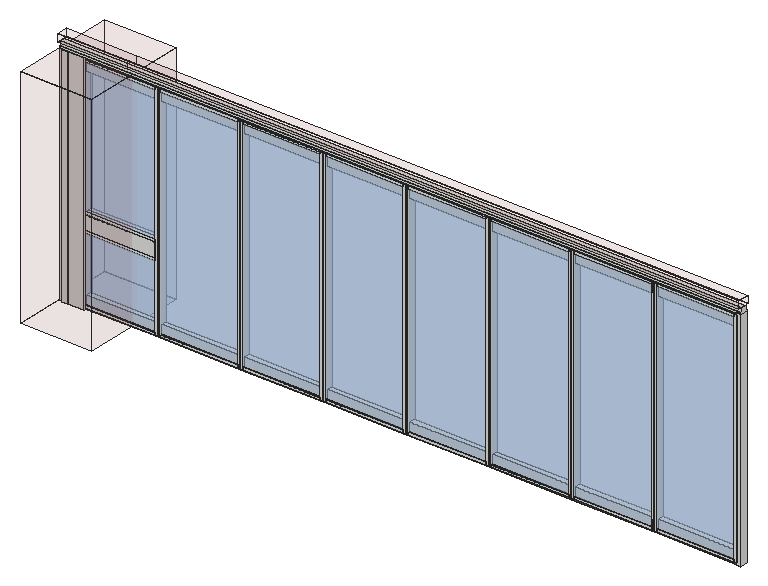
Revit family "Operable-Walls_Modernfold_Acousti-Clear_Automatic_Paired-Panels_Expandable-Panel", category Specialty Equipment, Revit 2026
Family settings
  Round Connector Dimension = Use Diameter
  Part Type = Normal
  Classification Number = 23.25.40.17.14
  Work Plane-Based = No
  Enable Cutting in Views = No
  Always vertical = Yes
  Cut with Voids When Loaded = No
  Maintain Annotation Orientation = No
  Shared = No
  Room Calculation Point = No
Parameters (values of type "No Pocket Door")
  zWallJambVis = 1 = 1  # yes
  zTypIII = not(zNoPckt)  # no
  zNoPckt = yes
  zNOPCount [instance] = if(zHghtLmt < 10' 0 1/2", if(Additional Panels = 0, Min Panel Count Allowed, if((Min Panel Count Allowed + Additional Panels) > Max Panel Count Allowed, Min Panel Count Allowed, Min Panel Count Allowed + Additional Panels)), if(Additional Panels = 0, Min Panel Count Allowed, if((Min Panel Count Allowed + if(roundup(Additional Panels / 2) = Additional Panels / 2, Additional Panels, Additional Panels + 1)) > Max Panel Count Allowed, Min Panel Count Allowed, Min Panel Count Allowed + Additional Panels)))  # 8
  zHghtLmt [instance] = if(Ceiling Height > Ceiling Height Max, Ceiling Height Max, if(Ceiling Height < Ceiling Height Min, Ceiling Height Min, Ceiling Height))  # 10' - 0"
  zFirstPanelWidth [instance] = ((Installation Width - Lead Condition Width - 0' 1 3/4" - 0' 6 1/8") / (Number of Panels)) - 0' 4 25/256"  # 3' - 3 167/256"
  zEvenNumber [instance] = if(roundup(zNOPCount / 2) = zNOPCount / 2, 1 = 1, 1 = 0)  # yes
  URL = "https://www.modernfold.com/en-US"
  Trim Material = Wall finish - Modernfold - Anodized aluminium
  Track Trim Width [instance] = if(zHghtLmt > 17' 4", 0' 10 1/4", 0' 4 1/4")  # 0' - 4 1/4"
  Track Trim = 0' - 0 3/4"  # constant formula
  Track Material = Track Color - Modernfold - White
  Track Height [instance] = 0' - 2"  # constant formula
  Track Clearance Vis [instance] = yes
  Track Clearance Height [instance] = 0' - 4 1/4"  # constant formula
  StacksWPanel [instance] = 1 = 0  # no
  Stack Depth [instance] = (0' 4 1/2" * Number of Panels) + 0' 2"  # 3' - 2"
  Stack Clearance Vis [instance] = yes
  Stack [instance] = no
  Seal material = Seal Finish - Modernfold - Black
  Pocket Door Secondary Leaf Min [instance] = 1' - 6"  # constant formula
  Pocket Door Secondary Leaf Max [instance] = 4' - 0"  # constant formula
  Pocket Door Secondary Leaf [instance] = Pocket Door Primary Leaf  # 0' - 0"
  Pocket Door Primary Leaf [instance] = if(zNoPckt, 0' 0", (Clearance Width - 0' 9" - 0' 6" - 0' 1") / 2)  # 0' - 0"
  Pocket Door Clearance Vis [instance] = yes
  Plan View Warning [instance] = if(zNoPckt, or(Panel Width > Panel Width Max, Panel Width < Panel Width Min, Installation Width > Installation Width Max, Ceiling Height > Ceiling Height Max, Ceiling Height < Ceiling Height Min), or(Panel Width > Panel Width Max, Panel Width < Panel Width Min, Installation Width > Installation Width Max, Ceiling Height > Ceiling Height Max, Ceiling Height < Ceiling Height Min, Pocket Door Secondary Leaf > Pocket Door Secondary Leaf Max, Pocket Door Secondary Leaf < Pocket Door Secondary Leaf Min))  # no
  Panel Width [instance] = (Installation Width - Lead Condition Width - 0' 1 3/4" - 0' 6 1/8") / (Number of Panels)  # 3' - 7 3/4"
  Panel Thickness = 0' - 4"  # constant formula
  Panel Material = Wall finish - Modernfold - Anodized aluminium
  Glass Material [instance] = Glass Type - Modernfold - Clear Tempered
  Additional Panels [instance] = 0
  Number of Panels [instance] = if(zHghtLmt < 10' 0 1/2", zNOPCount, if(zEvenNumber, zNOPCount, zNOPCount + 1))  # 8
  NotStack [instance] = not(Stack)  # yes
  Model = "Acousti-Seal® Legacy® & Premier®"  # constant formula
  Min Panel Count Allowed [instance] = roundup((Installation Width - Lead Condition Width - 0' 1 3/4" - 0' 6 1/8") / (Panel Width Max))  # 8
  Max Panel Count Allowed [instance] = rounddown((Installation Width - Lead Condition Width - 0' 1 3/4" - 0' 6 1/8") / (Panel Width Min))  # 11
  Manufacturer = "Modernfold"  # constant formula
  Lead Condition Width [instance] = if([3 Inch Wall Jamb], 0' 3", 0' 2 1/8")  # 0' - 2 1/8"
  Installation Width [instance] = 30' - 0"
  Panel Width Min [instance] = 2' - 6"  # constant formula
  Panel Width Max [instance] = 4' - 0"  # constant formula
  Description = "Acousti-Clear - Expandable Panel - Paired Panels - No Pocket Door"
  3 Inch Wall Jamb [instance] = not([2.125 Inch Wall Jamb])  # no
  2.125 Inch Wall Jamb [instance] = yes
  **Panel Count Available** [instance] = if(zHghtLmt < 10' 0 1/2", if((Min Panel Count Allowed + Additional Panels) > Max Panel Count Allowed, "Number of Panels does NOT fall within constraints listed. Panel count will default to minimum count allowed.", "Panel Count Available."), if((Min Panel Count Allowed + if(roundup(Additional Panels / 2) = Additional Panels / 2, Additional Panels, Additional Panels + 1)) > Max Panel Count Allowed, "Number of Panels does NOT fall within constraints listed. Panel count will default to minimum count allowed.", "Panel Count Available."))  # "Panel Count Available."
  Seal Width = 0' - 2 11/16"  # constant formula
  Panel Array Count [instance] = Number of Panels - 1  # 7
  Hinge Location [instance] = Start Panel Width + 0' 1 3/4" + 0' 6 1/8"  # 4' - 3 5/8"
  Fabrication Height [instance] = zHghtLmt - Track Trim  # 9' - 11 1/4"
  Clearance Width [instance] = if(zNoPckt, ClearWidthInt * 0' 1", ClearWidthInt * 0' 1" + 0' 6")  # 4' - 8"
  Clearance Depth [instance] = if(zNoPckt, Stack Depth, Stack Depth + 0' 6")  # 3' - 2"
  ClearWidthInt [instance] = roundup((Panel Width + 1' 0") / 0' 1")  # 56
  Ceiling Height [instance] = 10' - 0"
  Carrier Centers [instance] = 0' - 0"  # constant formula
  CSpacingInt [instance] = rounddown((Panel Width - 0' 8") / 0' 1")  # 35
  Carrier Spacing Max [instance] = 3' - 0"  # constant formula
  Installation Width Max [instance] = 80' - 10"  # constant formula
  Does not Stack with Panels [instance] = and(Stack, [2.125 Inch Wall Jamb])  # no
  Default Elevation = 0' - 0"
  Ceiling Height Min [instance] = 6' - 7"  # constant formula
  Ceiling Height Max [instance] = 12' - 0"  # constant formula
  Start Panel Width [instance] = Panel Width  # 3' - 7 3/4"
  Bottom Seal Height = 0' - 0 7/8"  # constant formula
Reference planes (in)
  plane 1 "Center (Front/Back)": y = 0
  plane 2: z = 0
  plane 3 "Left": x = -57.06482
  plane 4 "F": y = -28
  plane 5 "G": y = 28
  plane 6: x = -51.56482
  plane 7 "J&K": x = -19.06482
  plane 8: x = -5.43982
  plane 9: x = 38.31018
  plane 10: x = 302.93518
  plane 11: x = 300.81018
  plane 12: x = 38.31018
  plane 13: z = 120
  plane 14: z = 119.25
  plane 15: y = 1.34375
  plane 16: y = -1.34375
  plane 17: z = 0.875
  plane 18: z = 1.5
  plane 19: y = 2
  plane 20: y = -2
  plane 21: y = 2.125
  plane 22: y = -2.125
  plane 23: y = 1.25
  plane 24: y = -1.25
  plane 25: z = 122
  plane 26: z = 126.25
  plane 27: z = 118
  plane 28: z = 117.5
  plane 29: y = 3
  plane 30: y = -3
  plane 31: y = 1.80291
  plane 32: x = -55.31482
  plane 33: x = -19.06482
Forms (in)
  Sweep 1, solid, material "Track Color - Modernfold - White" <- "Track Material"
    path origin (0, 0, 0) x (1, 0, 0) y (0, 1, 0)
      loop
        line (302.93518, 0) -> (-57.06482, 0)
    profile origin (122.93518, 0, 0) x (0, -1, 0) y (0, 0, 1)
      loop
        line (-1.25, 120) -> (-2.125, 120) -> (-2.125, 119.25) -> (2.125, 119.25) -> (2.125, 120) -> (1.25, 120) -> (1.25, 122) -> (-1.25, 122) -> (-1.25, 120)
  Extrusion 2, solid, material "Clearance", visible <- "Stack Clearance Vis"
    sketch origin (0, 0, 0) x (1, 0, 0) y (0, 1, 0)
      loop
        line (-19.06482, 28) -> (-57.06482, 28) -> (-57.06482, -28) -> (-19.06482, -28) -> (-19.06482, 28)
    from 0 to 119.25
  Extrusion 3, solid, material "Clearance", visible <- "Track Clearance Vis"
    sketch origin (0, 0, 0) x (1, 0, 0) y (0, 1, 0)
      loop
        line (-20.02945, 3) -> (-57.06482, 3) -> (-57.06482, -3) -> (-20.49964, -3) -> (302.93518, -3) -> (302.93518, 3) -> (-20.02945, 3)
    from 122 to 126.25
Lines and regions (in)
  symbolic lines, style "Clearance", visible <- "Stack Clearance Vis"
    curve 1: line (-57.06482, -28, 0) -> (-19.06482, -28, 0)
    curve 2: line (-57.06482, 28, 0) -> (-57.06482, -28, 0)
    curve 3: line (-19.06482, -28, 0) -> (-19.06482, 28, 0)
    curve 4: line (-19.06482, 28, 0) -> (-57.06482, 28, 0)
  symbolic lines, style "Track Centerline"
    curve 5: line (302.93518, 0, 0) -> (-57.06482, 0, 0)
  symbolic lines, style "Clearance", visible <- "Track Clearance Vis"
    curve 6: line (-57.06482, 3, 0) -> (-57.06482, -3, 0)
    curve 7: line (-57.06482, -3, 0) -> (302.93518, -3, 0)
    curve 8: line (302.93518, -3, 0) -> (302.93518, 3, 0)
    curve 9: line (302.93518, 3, 0) -> (-57.06482, 3, 0)
  symbolic lines, style "Track outline"
    curve 10: line (-57.06482, 0, 122) -> (302.93518, 0, 122)
    curve 11: line (-57.06482, 0, 122) -> (-57.06482, 0, 119.25)
    curve 12: line (-19.06482, 0, 119.25) -> (-57.06482, 0, 119.25)
    curve 13: line (302.93518, 0, 122) -> (302.93518, 0, 119.25)
    curve 18: line (-57.06482, 0, 120) -> (302.93518, 0, 120)
  symbolic lines, style "Clearance"
    curve 14: line (-57.06482, 19.25, 120) -> (-57.06482, 19.25, 122)
    curve 15: line (-57.06482, -1.25, 122) -> (-57.06482, -1.25, 120)
    curve 16: line (-57.06482, -2.125, 119.25) -> (-57.06482, 20.125, 119.25)
    curve 17: line (-57.06482, 19.25, 122) -> (-57.06482, -1.25, 122)
Dimensions and locks (in)
  locked: plane 3 "Left" to plane 6 at 5.5
  "Clearance Depth": plane 3 "Left" to plane 7 "J&K"
  "Installation Width": plane 3 "Left" to plane 10
  "Hinge Location": plane 3 "Left" to plane 8
  "Panel Width": plane 8 to plane 9
  "Lead Condition Width": plane 11 to plane 10
  "zHghtLmt": plane 13 to level
  "Track Trim": plane 13 to plane 14
  plane 14 to level = 9' - 11 1/4"
  "Bottom Seal Height": plane 17 to level
  equal spacing: plane 15, plane 1 "Center (Front/Back)", plane 16
  "Seal Width": plane 15 to plane 16
  locked: plane 18 to plane 17 at 0.625
  equal spacing: plane 19, plane 1 "Center (Front/Back)", plane 20
  "Panel Thickness": plane 19 to plane 20
  equal spacing: plane 21, plane 1 "Center (Front/Back)", plane 22
  "Track Trim Width": plane 21 to plane 22
  equal spacing: plane 23, plane 1 "Center (Front/Back)", plane 24
  locked: plane 23 to plane 24 at 2.5
  plane 14 to plane 27 to plane 28 = 0' - 1 1/4" locked, 0' - 0 1/2" locked
  equal spacing: plane 29, plane 1 "Center (Front/Back)", plane 30
  locked: plane 29 to plane 30 at 6
  equal spacing: group 1, group 3, group 7, group 8, group 11, group 12, group 2  (x3)
  locked: plane 1 "Center (Front/Back)" to plane 31 at 1.80291
  locked: plane 3 "Left" to plane 32 at 1.75
  "Stack Depth": plane 3 "Left" to plane 33
  nested 5 to plane 33 = 0' - 1 7/8"
  Extrusion 3 sketch curve to Extrusion 3 sketch curve = 0' - 6"
  Extrusion 3 sketch curve to plane 1 "Center (Front/Back)" to Extrusion 3 sketch curve = 0' - 3", 0' - 3"
  equal spacing: plane 5 "G", plane 1 "Center (Front/Back)", plane 4 "F"
  "Clearance Width": plane 5 "G" to plane 4 "F"
  "Track Clearance Height": plane 26 to plane 25
  "Track Height": plane 25 to plane 13
  nested 8 to nested 8 = 0' - 5 3/8"
  equal spacing: group 4, group 6, group 9, group 10, group 13, group 14, group 5  (x3)
  nested 4 to nested 4 = 3' - 7 3/4"
  aligned and locked: plane 2 to level
  aligned and locked: Sweep 1 sketch curve to plane 1 "Center (Front/Back)"
  aligned and locked: Sweep 1 sketch curve to plane 23
  aligned and locked: plane 24 to Sweep 1 sketch curve
  aligned and locked: Sweep 1 sketch curve to plane 25
  aligned and locked: Sweep 1 sketch curve to plane 13  (x2)
  aligned and locked: Sweep 1 sketch curve to plane 14
  aligned and locked: plane 21 to Sweep 1 sketch curve
  aligned and locked: Sweep 1 sketch curve to plane 22
  aligned and locked: plane 1 "Center (Front/Back)" to nested 1
  aligned and locked: plane 6 to nested 2
  aligned and locked: plane 1 "Center (Front/Back)" to nested 3
  aligned and locked: plane 11 to nested 3
  aligned and locked: nested 2 to plane 1 "Center (Front/Back)"
  aligned and locked: nested 4 to plane 1 "Center (Front/Back)"
  aligned and locked: Extrusion 2 sketch curve to plane 3 "Left"
  aligned and locked: Extrusion 2 to level
  aligned and locked: plane 14 to Extrusion 2
  aligned and locked: curve 2 to Extrusion 2
  aligned and locked: Extrusion 2 sketch curve to plane 7 "J&K"
  aligned and locked: plane 3 "Left" to curve 5
  aligned and locked: plane 10 to curve 5
  aligned and locked: Extrusion 3 sketch curve to plane 10
  aligned and locked: Extrusion 2 to Extrusion 3 sketch curve
  aligned and locked: nested 4 to nested 5  (x2)
  aligned and locked: curve 12 to Extrusion 2
  aligned and locked: nested 7 to plane 4 "F"
  aligned and locked: nested 7 to plane 7 "J&K"
  aligned and locked: plane 12 to plane 9
  aligned and locked: plane 1 "Center (Front/Back)" to nested 8
  aligned and locked: plane 32 to nested 8
  aligned and locked: plane 3 "Left" to Sweep 1 sketch curve
  aligned and locked: Extrusion 2 to plane 5 "G"
  aligned and locked: Extrusion 2 to plane 4 "F"
  aligned and locked: plane 29 to Extrusion 3
  aligned and locked: Extrusion 3 to plane 30
  aligned and locked: curve 7 to Extrusion 3
  aligned and locked: curve 9 to Extrusion 3
  aligned and locked: plane 26 to Extrusion 3
  aligned and locked: Extrusion 3 to plane 25
  aligned and locked: nested 4 to plane 33
  aligned and locked: plane 10 to Sweep 1 sketch curve
  aligned and locked: plane 3 "Left" to nested 10
  aligned and locked: plane 1 "Center (Front/Back)" to nested 10
  aligned and locked: curve 18 to Sweep 1
  aligned and locked: plane 1 "Center (Front/Back)" to nested 11
  aligned and locked: plane 8 to nested 11
  aligned and locked: plane 8 to nested 1
  aligned and locked: plane 11 to nested 12
Automatic sketch dimensions
  curve 14 to plane 13 = 0' - 0"
  curve 15 to plane 13 = 0' - 0"
  curve 16 to plane 22 = 0' - 0"
  curve 14 to curve 16 = 0' - 0 7/8"
  curve 15 to plane 24 = 0' - 0"
  plane 25 to curve 14 = 0' - 0"
  curve 16 to plane 14 = 0' - 0"
  curve 14 to plane 5 "G" = 0' - 8 3/4"
  Extrusion 3 sketch curve to plane 7 "J&K" = 0' - 1.43482"
  Extrusion 3 sketch curve to plane 7 "J&K" = 0' - 0.96463"
  Extrusion 2 sketch curve to plane 5 "G" = 0' - 0"
  plane 4 "F" to Extrusion 2 sketch curve = 0' - 0"
  curve 18 to plane 3 "Left" = 0' - 0"
  curve 12 to plane 7 "J&K" = 0' - 0"
  curve 18 to plane 10 = 0' - 0"
  curve 12 to plane 14 = 0' - 0"
  curve 13 to plane 14 = 0' - 0"
  curve 11 to plane 25 = 0' - 0"
  curve 6 to plane 3 "Left" = 0' - 0"
  plane 5 "G" to curve 3 = 0' - 0"
  curve 3 to plane 7 "J&K" = 0' - 0"
  plane 4 "F" to curve 1 = 0' - 0"
  plane 30 to curve 7 = 0' - 0"
  curve 6 to plane 30 = 0' - 0"
  plane 1 "Center (Front/Back)" to curve 5 = 0' - 0"
  plane 29 to curve 9 = 0' - 0"
  plane 29 to curve 6 = 0' - 0"
Nested families (in)
  nested 1: "Panel" at (16.43518, 0, 0), visible <- "NotStack", Width <- "Panel Width", type "Extended"
    with Width 3' - 7 3/4", Mullion no, LEAD yes, Dash Width 0' - 6.91667", CarrierVis yes
  nested 2: "Panel" at (-51.56482, 0, 0) x (0, -1, 0) z (0, 0, 1), visible <- "Stack", Width <- "Panel Width", type "Stack"
    with Width 3' - 7 3/4", Mullion no, LEAD yes, Dash Width 0' - 6.91667", CarrierVis no
  nested 3: "Jamb" at (300.81018, 0, 0), visible <- "zWallJambVis", Width <- "Lead Condition Width", type "Jamb"
    with Width 0' - 2 1/8", Jamb yes, BulbStack no, Bulb Seal no
  nested 4: "Panel" at (-21.06482, 0, 0) x (0, -1, 0) z (0, 0, 1), visible <- "Stack", Width <- "Panel Width", type "Stack"
    with Width 3' - 7 3/4", Mullion no, LEAD yes, Dash Width 0' - 6.91667", CarrierVis no
  nested 5: "Jamb" at (-20.93982, -21.875, 0) x (0, -1, 0) z (0, 0, 1), visible <- "StacksWPanel", type "Jamb"
    with Jamb no, BulbStack yes, Bulb Seal no
  nested 6: "Modernfold Warning" at (12.01728, -5.976, 0), visible <- "Plan View Warning", type "Modernfold Warning"
  nested 7: "Type-III" at (-20.56482, 33, 0) x (0, -1, 0) z (0, 0, 1), Pocket Door Clearance <- "Pocket Door Clearance Vis", Stack <- "Stack", visible <- "zTypIII", type "Type III"
    with Stack no, Right Leaf 1' - 8", Pocket Door Clearance yes, Middle Leaf 0' - 9", Meeting Jamb 0' - 3", Left Leaf 1' - 8", I_PD Leaf C 0' - 9", I_PD Leaf B 1' - 8", I_PD Leaf A 1' - 8", Hinged Jamb 0' - 3", Gap 0' - 1", Close yes, C.L. of Track 0' - 4 1/2", Ref G 2' - 4 1/2", Pocket Width 4' - 8", Fabrication Height 9' - 11 1/4"
  nested 8: "Panel nose" at (-55.31482, 0, 0), visible <- "NotStack", Panel Thickness <- "Panel Thickness", type "Panel nose"
    with Panel Thickness 0' - 4", Jamb yes, BulbStack yes, Bulb Seal no
  nested 9: "Panel" at (-46.48149, 0, 0) x (0, -1, 0) z (0, 0, 1), visible <- "Stack", Width <- "Panel Width", type "Stack"
    with Width 3' - 7 3/4", Mullion no, LEAD yes, Dash Width 0' - 6.91667", CarrierVis no
  nested 10: "Jamb" at (-57.06482, 0, 0), visible <- "zWallJambVis", type "Jamb"
    with Width 0' - 1 3/4", Jamb yes, BulbStack no, Bulb Seal no
  nested 11: "Panel" at (-25.26599, 0, 0), Width <- "zFirstPanelWidth", visible <- "NotStack", type "Extended"
    with Width 3' - 3 167/256", Mullion yes, LEAD yes, Dash Width 0' - 6.23372", CarrierVis no
  nested 12: "Panel" at (278.93518, 0, 0), visible <- "NotStack", Width <- "Panel Width", type "Extended"
    with Width 3' - 7 3/4", Mullion no, LEAD yes, Dash Width 0' - 6.91667", CarrierVis yes
  nested 13: "Panel" at (60.18518, 0, 0), visible <- "NotStack", Width <- "Panel Width", type "Extended"
    with Width 3' - 7 3/4", Mullion no, LEAD yes, Dash Width 0' - 6.91667", CarrierVis yes
  nested 14: "Panel" at (-41.39815, 0, 0) x (0, -1, 0) z (0, 0, 1), visible <- "Stack", Width <- "Panel Width", type "Stack"
    with Width 3' - 7 3/4", Mullion no, LEAD yes, Dash Width 0' - 6.91667", CarrierVis no
  nested 15: "Panel" at (-36.31482, 0, 0) x (0, -1, 0) z (0, 0, 1), visible <- "Stack", Width <- "Panel Width", type "Stack"
    with Width 3' - 7 3/4", Mullion no, LEAD yes, Dash Width 0' - 6.91667", CarrierVis no
  nested 16: "Panel" at (103.93518, 0, 0), visible <- "NotStack", Width <- "Panel Width", type "Extended"
    with Width 3' - 7 3/4", Mullion no, LEAD yes, Dash Width 0' - 6.91667", CarrierVis yes
  nested 17: "Panel" at (147.68518, 0, 0), visible <- "NotStack", Width <- "Panel Width", type "Extended"
    with Width 3' - 7 3/4", Mullion no, LEAD yes, Dash Width 0' - 6.91667", CarrierVis yes
  nested 18: "Panel" at (-31.23149, 0, 0) x (0, -1, 0) z (0, 0, 1), visible <- "Stack", Width <- "Panel Width", type "Stack"
    with Width 3' - 7 3/4", Mullion no, LEAD yes, Dash Width 0' - 6.91667", CarrierVis no
  nested 19: "Panel" at (-26.14815, 0, 0) x (0, -1, 0) z (0, 0, 1), visible <- "Stack", Width <- "Panel Width", type "Stack"
    with Width 3' - 7 3/4", Mullion no, LEAD yes, Dash Width 0' - 6.91667", CarrierVis no
  nested 20: "Panel" at (191.43518, 0, 0), visible <- "NotStack", Width <- "Panel Width", type "Extended"
    with Width 3' - 7 3/4", Mullion no, LEAD yes, Dash Width 0' - 6.91667", CarrierVis yes
  nested 21: "Panel" at (235.18518, 0, 0), visible <- "NotStack", Width <- "Panel Width", type "Extended"
    with Width 3' - 7 3/4", Mullion no, LEAD yes, Dash Width 0' - 6.91667", CarrierVis yes
Definition of nested family "Panel"
  Parameters (values of type "Stack")
    Width [instance] = 3' - 7 3/4"
    Vertical Trim Control = and(Show Panel, Vertical Trim)  # no
    Vertical Trim = no
    URL = ""
    Trim Thickness = 0' 4 5/8" + 0' 1.188" + 0' 0 7/8"  # 0' - 6.688"
    Top Sweep = 0' - 1 1/4"  # constant formula
    Stack Line = yes
    Show Panel Dash = not(Show Panel)  # yes
    Show Panel = no
    Seal Width = 0' - 2 11/16"
    Panel Width Control = if(Vertical Trim, 0' 0 3/4", 0' 0")  # 0' - 0"
    Panel Thickness = 0' - 4"
    Mullion [instance] = yes
    Manufacturer = ""
    Leaf = no
    LEAD [instance] = yes
    Keynote = ""
    Height = 9' - 11 1/4"
    Finished Floor Thickness = 0' - 0"
    Finish Material Seal = none
    Finish Material Metal = none
    Finish Material Panel = none
    Default Elevation = 0' - 0"
    Dash Width [instance] = (Width - 0' 2 1/4") / 6  # 0' - 6.91667"
    CarrierVis [instance] = no
    Carrier Spacing = 0' - 0"
    Bottom Seal Height = 0' - 0 7/8"
  Types (2): name | Show Panel Dash | Show Panel
    Extended | no | yes
    Stack | yes | no
  Reference planes (in)
    plane 1 "Center (Front/Back)": y = 0
    plane 2: z = 0
    plane 3 "Bottom Panel": z = 0
    plane 4 "Top": z = 119.25
    plane 5 "Bottom Seal": z = 0.875
    plane 6 "Top Trim": z = 119.25
    plane 7 "Center (Left/Right)": x = 0
    plane 8 "Back": y = 2
    plane 9 "Front": y = -2
    plane 10 "Back Seal": y = 1.34375
    plane 11 "Front Seal": y = -1.34375
    plane 12: z = 112.562
    plane 13: x = -21.875
    plane 14: x = 21.875
    plane 15: x = -21.375
    plane 16: x = 21.375
    plane 17: x = 0
    plane 18: x = 0
    plane 19: x = -21.865
    plane 20: x = 21.865
    plane 21: z = 118.375
    plane 22: z = 46.5
    plane 23: z = 36
    plane 24: x = -20.49
    plane 25: x = 20.49
  Forms (in)
    Extrusion 1, solid, material <- "Finish Material Metal", visible <- "Show Panel"
      sketch origin (-23.61111, 0, 0) x (0, 1, 0) y (0, 0, 1)
        loop
          line (2, 0.875) -> (2, 2.0625) -> (1.4375, 2.0625) -> (1.4375, 6.6875) -> (-1.4375, 6.6875) -> (-1.4375, 2.0625) -> (-2, 2.0625) -> (-2, 0.875) -> (2, 0.875)
      from 3.12111 to 44.10111
    Extrusion 2, solid, material <- "Finish Material Metal", visible <- "Show Panel"
      sketch origin (0, 0, 0) x (0, 1, 0) y (0, 0, 1)
        loop
          line (1.4375, 112.562) -> (1.4375, 117.1875) -> (2, 117.1875) -> (2, 118.375) -> (-2, 118.375) -> (-2, 117.1875) -> (-1.4375, 117.1875) -> (-1.4375, 112.562) -> (1.4375, 112.562)
      from -20.49 to 20.49
    Extrusion 3, solid, visible <- "Show Panel Dash"
      sketch origin (12, 7.7711, 0) x (1, 0, 0) y (0, 1, 0)
        loop
          line (9.875, -5.7711) -> (-33.875, -5.7711) -> (-33.875, -9.7711) -> (9.875, -9.7711) -> (9.875, -5.7711)
      from 0 to 119.25
    Extrusion 4, solid, visible <- "Leaf"
      sketch origin (0, 0, 0) x (1, 0, 0) y (0, 1, 0)
        loop
          line (-16.375, 2.6875) -> (-28, 2.6875) -> (-28, -2.6875) -> (-16.375, -2.6875) -> (-16.375, -2) -> (-21.875, -2) -> (-21.875, 2) -> (-16.375, 2) -> (-16.375, 2.6875)
      from 0 to 119.25
    Extrusion 5, solid, material <- "Finish Material Panel", visible <- "Show Panel"
      sketch origin (0, 0, 0) x (0, 1, 0) y (0, 0, 1)
        loop
          line (1.8125, 117.1875) -> (1.4375, 117.1875) -> (1.4375, 2.0625) -> (1.8125, 2.0625) -> (1.8125, 117.1875)
        loop
          line (-1.4375, 2.0625) -> (-1.4375, 117.1875) -> (-1.75, 117.1875) -> (-1.75, 2.0625) -> (-1.4375, 2.0625)
      from -20.49 to 20.49
    Extrusion 6, solid, material <- "Finish Material Metal", visible <- "Show Panel"
      sketch origin (0, 0, 0) x (1, 0, 0) y (0, 1, 0)
        loop
          line (-21.865, 2) -> (-21.865, -2) -> (-20.49, -2) -> (-20.49, 2) -> (-21.865, 2)
        loop
          line (21.865, 2) -> (20.49, 2) -> (20.49, -2) -> (21.865, -2) -> (21.865, 2)
      from 0.875 to 118.375
    Extrusion 7, solid, material <- "Finish Material Seal", visible <- "Show Panel"
      sketch origin (21.865, -180, 143.875) x (0, 0, 1) y (0, 1, 0)
        loop
          line (-143, 178.65625) -> (-143, 181.34375) -> (-143.875, 181.34375) -> (-143.875, 178.65625) -> (-143, 178.65625)
        loop
          line (-24.625, 178.65625) -> (-24.625, 181.34375) -> (-25.5, 181.34375) -> (-25.5, 178.65625) -> (-24.625, 178.65625)
      from -0.01 to 43.74
    Extrusion 8, solid, material <- "Finish Material Metal", visible <- "Mullion"
      sketch origin (21.865, -180, 143.875) x (0, 0, 1) y (0, 1, 0)
        loop
          line (-107.875, 180) -> (-107.875, 178.23437) -> (-106.375, 178.23437) -> (-106.375, 178) -> (-98.875, 178) -> (-98.875, 178.23437) -> (-97.375, 178.23437) -> (-97.375, 180) -> (-97.375, 181.82031) -> (-98.875, 181.82031) -> (-98.875, 182) -> (-106.375, 182) -> (-106.375, 181.82031) -> (-107.875, 181.82031) -> (-107.875, 180)
      from 1.375 to 42.355
  Lines and regions (in)
    Masking region 1, visible <- "Show Panel"
      outline origin (9.51202, -15.08558, 0.875) x (-1, 0, 0) y (0, -1, 0)
        loop
          line (-10.97798, -17.08558) -> (30.00202, -17.08558) -> (30.00202, -13.08558) -> (-10.97798, -13.08558) -> (-10.97798, -17.08558)
    Masking region 2, visible <- "Show Panel"
      outline origin (0, 0, 0) x (1, 0, 0) y (0, 1, 0)
        loop
          line (-20.49, 1.8125) -> (-20.49, 1.4375) -> (20.49, 1.4375) -> (20.49, 1.8125) -> (-20.49, 1.8125)
        loop
          line (-20.49, -1.4375) -> (-20.49, -1.75) -> (20.49, -1.75) -> (20.49, -1.4375) -> (-20.49, -1.4375)
    Masking region 3, visible <- "Show Panel"
      outline origin (0, 0, 0) x (1, 0, 0) y (0, 1, 0)
        loop
          line (-20.49, 1.34375) -> (-20.49, -1.34375) -> (20.49, -1.34375) -> (20.49, 1.34375) -> (-20.49, 1.34375)
    Masking region 4, visible <- "Show Panel"
      outline origin (0, 0, 0) x (1, 0, 0) y (0, 1, 0)
        loop
          line (-21.865, 2) -> (-21.865, -2) -> (-20.49, -2) -> (-20.49, 2) -> (-21.865, 2)
        loop
          line (20.49, 2) -> (20.49, -2) -> (21.865, -2) -> (21.865, 2) -> (20.49, 2)
    symbolic lines, visible <- "CarrierVis", detail levels medium+fine
      curve 1: circle (0, 0, 0) r 0.6875 normal (0, 0, 1)
      curve 2: circle (0, 0, 0) r 0.6875 normal (0, 0, 1)
    symbolic lines, visible <- "Show Panel Dash"
      curve 3: line (-21.875, -2, 0) -> (21.875, -2, 0)
      curve 4: line (21.875, -2, 0) -> (21.875, 2, 0)
      curve 5: line (21.875, 2, 0) -> (-21.875, 2, 0)
      curve 6: line (-21.875, 2, 0) -> (-21.875, -2, 0)
    symbolic lines, visible <- "Leaf"
      curve 7: line (-28, 2.6875, 0) -> (-28, -2.6875, 0)
      curve 8: line (-16.375, 2.6875, 0) -> (-28, 2.6875, 0)
      curve 9: line (-16.375, 2, 0) -> (-16.375, 2.6875, 0)
      curve 10: line (-16.375, -2.6875, 0) -> (-16.375, -2, 0)
      curve 11: line (-28, -2.6875, 0) -> (-16.375, -2.6875, 0)
  Dimensions and locks (in)
    "Height": plane 4 "Top" to plane 3 "Bottom Panel"
    "Bottom Seal Height": plane 5 "Bottom Seal" to plane 3 "Bottom Panel"
    "Panel Thickness": plane 9 "Front" to plane 8 "Back"
    "Finished Floor Thickness": plane 3 "Bottom Panel" to plane 2
    equal spacing: plane 9 "Front", plane 1 "Center (Front/Back)", plane 8 "Back"
    equal spacing: plane 14, plane 7 "Center (Left/Right)", plane 13
    "Width": plane 14 to plane 13
    locked: plane 15 to plane 13 at 0.5
    locked: plane 14 to plane 16 at 0.5
    equal spacing: plane 17, plane 7 "Center (Left/Right)", plane 18
    "Carrier Spacing": plane 17 to plane 18
    "Seal Width": plane 10 "Back Seal" to plane 11 "Front Seal"
    equal spacing: plane 10 "Back Seal", plane 1 "Center (Front/Back)", plane 11 "Front Seal"
    locked: plane 19 to plane 13 at 0.01
    locked: plane 20 to plane 14 at 0.01
    "Trim Thickness": plane 6 "Top Trim" to plane 12
    locked: plane 6 "Top Trim" to Extrusion 2 sketch curve at 0.875
    locked: Extrusion 2 sketch curve to Extrusion 2 sketch curve at 1.1875
    locked: Extrusion 2 sketch curve to Extrusion 2 sketch curve at 2.875
    equal spacing: Extrusion 2 sketch curve, plane 1 "Center (Front/Back)", Extrusion 2 sketch curve
    locked: Extrusion 1 sketch curve to Extrusion 1 sketch curve at 2.875
    equal spacing: Extrusion 1 sketch curve, plane 1 "Center (Front/Back)", Extrusion 1 sketch curve
    locked: Extrusion 1 sketch curve to Extrusion 1 sketch curve at 1.1875
    locked: Extrusion 1 sketch curve to Extrusion 1 sketch curve at 4.625
    locked: Extrusion 5 sketch curve to Extrusion 5 sketch curve at 2.875
    equal spacing: Extrusion 5 sketch curve, plane 1 "Center (Front/Back)", Extrusion 5 sketch curve
    Extrusion 5 sketch curve to plane 5 "Bottom Seal" = 0' - 1 3/16"
    locked: plane 5 "Bottom Seal" to Extrusion 5 sketch curve at 1.1875
    locked: Extrusion 5 sketch curve to plane 12 at 4.6255  (x2)
    equal spacing: Extrusion 4 sketch curve, plane 1 "Center (Front/Back)", Extrusion 4 sketch curve
    locked: Extrusion 6 sketch curve to plane 20 at 1.375
    locked: Extrusion 6 sketch curve to Extrusion 6 sketch curve at 1.375
    locked: Extrusion 5 sketch curve to Extrusion 1 at 0.375
    locked: Extrusion 5 sketch curve to Extrusion 5 sketch curve at 0.3125
    Extrusion 4 to Extrusion 4 = 0' - 11 5/8"
    locked: plane 6 "Top Trim" to plane 21 at 0.875
    locked: plane 22 to plane 23 at 10.5
    locked: plane 23 to level at 36
    locked: plane 24 to plane 19 at 1.375
    locked: plane 25 to plane 20 at 1.375
    aligned and locked: plane 2 to level
    aligned and locked: plane 12 to Extrusion 2 sketch curve
    aligned and locked: plane 17 to curve 1
    aligned and locked: plane 1 "Center (Front/Back)" to curve 1
    aligned and locked: plane 1 "Center (Front/Back)" to curve 2
    aligned and locked: plane 4 "Top" to Extrusion 3
    aligned and locked: Extrusion 3 to level
    aligned and locked: plane 4 "Top" to Extrusion 4
    aligned and locked: plane 6 "Top Trim" to plane 4 "Top"
    aligned and locked: Extrusion 2 sketch curve to plane 8 "Back"
    aligned and locked: Extrusion 2 sketch curve to plane 9 "Front"
    aligned and locked: plane 9 "Front" to Extrusion 1 sketch curve
    aligned and locked: Extrusion 1 sketch curve to plane 8 "Back"
    aligned and locked: Extrusion 1 sketch curve to plane 5 "Bottom Seal"
    aligned and locked: curve 8 to Extrusion 4
    aligned and locked: curve 9 to Extrusion 4
    aligned and locked: curve 10 to Extrusion 4
    aligned and locked: curve 11 to Extrusion 4
    aligned and locked: plane 8 "Back" to Extrusion 6 sketch curve
    aligned and locked: plane 19 to Extrusion 6 sketch curve
    aligned and locked: Extrusion 6 sketch curve to plane 8 "Back"
    aligned and locked: Extrusion 6 sketch curve to plane 20
    aligned and locked: plane 9 "Front" to Extrusion 6 sketch curve
    aligned and locked: Extrusion 6 sketch curve to plane 9 "Front"
    aligned and locked: Extrusion 1 to Extrusion 6  (x2)
    aligned and locked: Extrusion 5 to Extrusion 6  (x2)
    aligned and locked: Extrusion 2 to Extrusion 6  (x2)
    aligned and locked: Masking region 1 to Extrusion 6  (x2)
    aligned and locked: Masking region 1 to plane 8 "Back"
    aligned and locked: Masking region 1 sketch curve to plane 9 "Front"
    aligned and locked: Masking region 2 sketch curve to Extrusion 5  (x4)
    aligned and locked: Masking region 2 sketch curve to Extrusion 1  (x4)
    aligned and locked: Masking region 3 sketch curve to Extrusion 1  (x2)
    aligned and locked: Masking region 4 sketch curve to Extrusion 6  (x4)
    aligned and locked: Masking region 4 sketch curve to Extrusion 1  (x3)
    aligned and locked: plane 8 "Back" to Masking region 4 sketch curve
    aligned and locked: curve 6 to plane 13
    aligned and locked: plane 14 to curve 4
    aligned and locked: curve 5 to plane 8 "Back"
    aligned and locked: plane 9 "Front" to curve 3
    aligned and locked: plane 14 to Extrusion 3
    aligned and locked: Extrusion 3 to plane 13
    aligned and locked: plane 9 "Front" to Extrusion 3
    aligned and locked: Extrusion 3 to plane 8 "Back"
    aligned and locked: plane 21 to Extrusion 6
    aligned and locked: Extrusion 6 to plane 5 "Bottom Seal"
    aligned and locked: plane 5 "Bottom Seal" to Extrusion 7 sketch curve
    aligned and locked: plane 11 "Front Seal" to Extrusion 7 sketch curve  (x2)
    aligned and locked: Extrusion 3 to Extrusion 7 sketch curve
    aligned and locked: plane 4 "Top" to Extrusion 7 sketch curve
    aligned and locked: Extrusion 7 sketch curve to plane 21
    aligned and locked: Extrusion 7 sketch curve to plane 10 "Back Seal"  (x2)
    aligned and locked: Extrusion 7 to plane 13
    aligned and locked: plane 14 to Extrusion 7
    aligned and locked: plane 22 to Extrusion 8
    aligned and locked: Extrusion 8 to plane 23
    aligned and locked: plane 24 to Extrusion 8
    aligned and locked: Extrusion 8 to plane 25
  Automatic sketch dimensions
    Extrusion 4 sketch curve to plane 13 = 0' - 0"
    Extrusion 4 sketch curve to plane 9 "Front" = 0' - 0"
    plane 8 "Back" to Extrusion 4 sketch curve = 0' - 0"
    Extrusion 4 sketch curve to Extrusion 4 sketch curve = 0' - 0"
    plane 15 to Extrusion 4 sketch curve = 0' - 5"
    Extrusion 4 sketch curve to plane 8 "Back" = 0' - 0 11/16"
    Extrusion 3 sketch curve to plane 7 "Center (Left/Right)" = 1' - 9 7/8"
    plane 8 "Back" to Extrusion 3 sketch curve = 0' - 4"
    plane 14 to Extrusion 3 sketch curve = 0' - 0"
    Extrusion 3 sketch curve to Extrusion 3 sketch curve = 0' - 4"
    Masking region 1 sketch curve to plane 16 = 0' - 0.885"
    plane 15 to Masking region 1 sketch curve = 0' - 0.885"
    Masking region 1 sketch curve to plane 8 "Back" = 0' - 0"
    Extrusion 4 sketch curve to plane 13 = 0' - 6 1/8"
    curve 1 to curve 2 = 0' - 0"
    curve 8 to plane 13 = 0' - 6 1/8"
    Extrusion 2 sketch curve to plane 21 = 0' - 1 3/16"
    Extrusion 1 sketch curve to Extrusion 1 sketch curve = 0' - 1 3/16"
    plane 11 "Front Seal" to Masking region 3 sketch curve = 0' - 0"
    plane 10 "Back Seal" to Masking region 3 sketch curve = 0' - 0"
    Extrusion 8 sketch curve to plane 1 "Center (Front/Back)" = 0' - 0"  (x2)
    Extrusion 8 sketch curve to plane 8 "Back" = 0' - 0"
    Extrusion 8 sketch curve to plane 9 "Front" = 0' - 0"
    Extrusion 8 sketch curve to plane 5 "Bottom Seal" = 2' - 11 1/8"
    Extrusion 8 sketch curve to plane 8 "Back" = 0' - 0 23/128"  (x2)
    Extrusion 8 sketch curve to Extrusion 8 sketch curve = 0' - 1 1/2"  (x3)
    plane 9 "Front" to Extrusion 8 sketch curve = 0' - 0 15/64"  (x2)
    Extrusion 8 sketch curve to Extrusion 8 sketch curve = 0' - 7 1/2"
    Extrusion 8 sketch curve to Extrusion 8 sketch curve = 0' - 0"
    radius of curve 1 = 0' - 0 11/16"
    radius of curve 2 = 0' - 0 11/16"
Definition of nested family "Jamb"
  Parameters (values of type "Jamb")
    zThickness = 0' - 4 1/4"
    Trim Material = none
    Panel Material = none
    Width [instance] = 1' - 0"
    BulbStack [instance] = yes
    Bulb Seal [instance] = no
    Jamb [instance] = yes
    Fabrication Height = 9' - 11 1/4"
    Default Elevation = 0' - 0"
  Reference planes (in)
    plane 1 "Center (Front/Back)": y = 0
    plane 2: z = 0
    plane 3 "Center (Left/Right)": x = 0
    plane 4: y = 2.125
    plane 5: y = -2.125
    plane 6: x = 0.25
  Forms (in)
    Extrusion 1, solid, material <- "Panel Material", visible <- "Jamb"
      sketch origin (0.25, 0.65625, 0) x (1, 0, 0) y (0, 1, 0)
        loop
          line (-0.25, 1.46875) -> (-0.25, -2.78125) -> (11.75, -2.78125) -> (11.75, 1.46875) -> (-0.25, 1.46875)
      from 0 to 119.25 <- "Fabrication Height"
    Extrusion 2, solid, material <- "Trim Material", visible <- "Bulb Seal"
      sketch origin (0.25, 0.65625, 0) x (1, 0, 0) y (0, 1, 0)
        loop
          line (-0.25, 1.46875) -> (-0.25, -2.78125)
          arc (-0.25, -2.78125) -> (0, -0.65625) -> (-0.25, 1.46875) r 9.15625
      from 0 to 119.25
    Extrusion 3, solid, visible <- "BulbStack"
      sketch origin (0, 0, 0) x (1, 0, 0) y (0, 1, 0)
        loop
          line (0, 2.125) -> (0, -2.125)
          arc (0, -2.125) -> (0.25, 0) -> (0, 2.125) r 9.15625
      from 0 to 119.25
  Lines and regions (in)
    Masking region 1, visible <- "Jamb"
      outline origin (0, 0, 0) x (1, 0, 0) y (0, 1, 0)
        loop
          line (12, 2.125) -> (0, 2.125) -> (0, -2.125) -> (12, -2.125) -> (12, 2.125)
    Masking region 2, visible <- "Bulb Seal"
      outline origin (0, 0, 0) x (1, 0, 0) y (0, 1, 0)
        loop
          line (0, 2.125) -> (0, -2.125)
          arc (0, -2.125) -> (0.25, 0) -> (0, 2.125) r 9.15625
    model lines, visible <- "BulbStack"
      curve 1: line (0, 0.25, 0) -> (0, -0.25, 0)
    symbolic lines, visible <- "BulbStack"
      curve 2: line (0, 0.25, 0) -> (0, -0.25, 0)
      curve 3: arc (0, -2.125, 0) -> (0.25, 0, 0) -> (0, 2.125, 0) r 9.15625
  Dimensions and locks (in)
    equal spacing: plane 5, plane 1 "Center (Front/Back)", plane 4
    "zThickness": plane 5 to plane 4
    plane 3 "Center (Left/Right)" to plane 6 = 0' - 0 1/4"
    "Width": Extrusion 1 sketch curve to Extrusion 1 sketch curve
    aligned and locked: plane 2 to level
    aligned and locked: Extrusion 1 to Extrusion 2
    aligned and locked: Extrusion 1 to Masking region 1 sketch curve
    aligned and locked: Masking region 1 sketch curve to Extrusion 1
    aligned and locked: Masking region 1 sketch curve to Extrusion 2
    aligned and locked: Extrusion 2 to Masking region 2 sketch curve
    aligned and locked: Extrusion 3 sketch curve to Extrusion 2
    aligned and locked: Extrusion 3 to level
    aligned and locked: Extrusion 1 to Extrusion 3
    aligned and locked: Extrusion 3 to curve 1
    aligned and locked: Extrusion 1 to plane 4
    aligned and locked: plane 5 to Extrusion 1
    aligned and locked: Masking region 1 to Extrusion 1
  Automatic sketch dimensions
    plane 1 "Center (Front/Back)" to Masking region 2 sketch curve = 0' - 0"
    plane 5 to Masking region 2 sketch curve = 0' - 0"
    Masking region 2 sketch curve to plane 3 "Center (Left/Right)" = 0' - 8 29/32"
    plane 1 "Center (Front/Back)" to Extrusion 2 sketch curve = 0' - 0"
    Extrusion 2 sketch curve to plane 3 "Center (Left/Right)" = 0' - 0"
    plane 5 to Extrusion 2 sketch curve = 0' - 0"
    Extrusion 2 sketch curve to plane 3 "Center (Left/Right)" = 0' - 8 29/32"
    plane 1 "Center (Front/Back)" to Extrusion 3 sketch curve = 0' - 0"
    plane 5 to Extrusion 3 sketch curve = 0' - 0"
    Extrusion 3 sketch curve to plane 3 "Center (Left/Right)" = 0' - 8 29/32"
    plane 1 "Center (Front/Back)" to curve 3 = 0' - 0"
    curve 2 to plane 3 "Center (Left/Right)" = 0' - 0"
    curve 3 to plane 3 "Center (Left/Right)" = 0' - 0"  (x2)
    plane 5 to curve 3 = 0' - 0"
    curve 3 to plane 3 "Center (Left/Right)" = 0' - 8 29/32"
    plane 1 "Center (Front/Back)" to curve 2 = 0' - 0 1/4"
    curve 2 to plane 1 "Center (Front/Back)" = 0' - 0 1/4"
    plane 6 to Masking region 1 sketch curve = 0' - 11 3/4"
    Extrusion 1 sketch curve to plane 3 "Center (Left/Right)" = 0' - 0"
    plane 5 to Extrusion 1 sketch curve = 0' - 0"
    plane 4 to Extrusion 1 sketch curve = 0' - 0"
Definition of nested family "Type-III"
  Parameters (values of type "Type IV B")
    URL = "www.modernfold.com"
    Trim Color = none
    Top Seal Height = 0' - 0"  # constant formula
    Wall Finish = none
    Stack [instance] = no
    Right Leaf [instance] = Left Leaf  # 1' - 11 1/2"
    Ref G [instance] = 2' - 8"
    Product data url = ""
    Product Guid = ""
    Pocket Width = 5' - 3"
    Pocket Door Clearance [instance] = yes
    Model = "ACOUSTI-SEAL-TYPE III POCKET DOOR"
    Middle Leaf [instance] = 0' - 9"  # constant formula
    Meeting Jamb [instance] = 0' - 3"  # constant formula
    Manufacturer = "Modernfold"  # constant formula
    Left Leaf [instance] = (Pocket Width - Meeting Jamb - Hinged Jamb - 0' 1" - 0' 9") / 2  # 1' - 11 1/2"
    I_PD Leaf C [instance] = Middle Leaf  # 0' - 9"
    I_PD Leaf B [instance] = Right Leaf  # 1' - 11 1/2"
    I_PD Leaf A [instance] = Left Leaf  # 1' - 11 1/2"
    Hinged Jamb [instance] = 0' - 3"  # constant formula
    Gap [instance] = 0' - 1"  # constant formula
    Fabrication Height = 11' - 11 1/4"
    Description = ""
    Default Elevation = 0' - 0"
    Close [instance] = not(Stack)  # yes
    Clearance = none
    C.L. of Track [instance] = 0' - 4 1/2"
    Bottom Seal Height = 0' - 0"  # constant formula
    Assembly Code = ""
  Reference planes (in)
    plane 1: z = 0
    plane 2 "Left": x = 5
    plane 3: x = 68
    plane 4: z = 143.25
    plane 5: z = 143.25
    plane 6 "Panel Edge": y = 1.5
    plane 7: z = 0
    plane 8: y = 1.5
    plane 9: x = 65
    plane 10: x = 8
    plane 11: y = -1.5
    plane 12: x = 31.5
    plane 13: x = 40.5
    plane 14: x = 36
    plane 15: x = 41.5
    plane 16: x = 41.5
    plane 17: x = 22.5
    plane 18: x = 88.5
    plane 19: y = 2
  Forms (in)
    Extrusion 1, solid, material <- "Wall Finish"
      sketch origin (-7.86646, -21.61293, 0) x (1, 0, 0) y (0, 1, 0)
        loop
          arc (15.95832, 23.11293) -> (15.89337, 23.08603) -> (15.86646, 23.02107) r 0.09186
          line (15.86646, 23.02107) -> (15.86646, 20.20479)
          arc (15.86646, 20.20479) -> (15.89337, 20.13984) -> (15.95832, 20.11293) r 0.09186
          line (15.95832, 20.11293) -> (39.2746, 20.11293)
          arc (39.2746, 20.11293) -> (39.33956, 20.13984) -> (39.36646, 20.20479) r 0.09186
          line (39.36646, 20.20479) -> (39.36646, 23.02107)
          arc (39.36646, 23.02107) -> (39.33956, 23.08603) -> (39.2746, 23.11293) r 0.09186
          line (39.2746, 23.11293) -> (15.95832, 23.11293)
      from 0 to 143.25
    Extrusion 2, solid, material <- "Wall Finish"
      sketch origin (-39.81601, -9.98425, 0) x (1, 0, 0) y (0, 1, 0)
        loop
          arc (44.90787, 11.48425) -> (44.84292, 11.45734) -> (44.81601, 11.39239) r 0.09186
          line (44.81601, 11.39239) -> (44.81601, 8.5761)
          arc (44.81601, 8.5761) -> (44.84292, 8.51115) -> (44.90787, 8.48425) r 0.09186
          line (44.90787, 8.48425) -> (47.72415, 8.48425)
          arc (47.72415, 8.48425) -> (47.78911, 8.51115) -> (47.81601, 8.5761) r 0.09186
          line (47.81601, 8.5761) -> (47.81601, 11.39239)
          arc (47.81601, 11.39239) -> (47.78911, 11.45734) -> (47.72415, 11.48425) r 0.09186
          line (47.72415, 11.48425) -> (44.90787, 11.48425)
      from 0 to 143.25
    Extrusion 3, solid, material <- "Wall Finish"
      sketch origin (17.29977, -9.33854, 0) x (1, 0, 0) y (0, 1, 0)
        loop
          arc (47.79209, 10.83854) -> (47.72713, 10.81163) -> (47.70023, 10.74668) r 0.09186
          line (47.70023, 10.74668) -> (47.70023, 7.9304)
          arc (47.70023, 7.9304) -> (47.72713, 7.86544) -> (47.79209, 7.83854) r 0.09186
          line (47.79209, 7.83854) -> (50.60837, 7.83854)
          arc (50.60837, 7.83854) -> (50.67333, 7.86544) -> (50.70023, 7.9304) r 0.09186
          line (50.70023, 7.9304) -> (50.70023, 10.74668)
          arc (50.70023, 10.74668) -> (50.67333, 10.81163) -> (50.60837, 10.83854) r 0.09186
          line (50.60837, 10.83854) -> (47.79209, 10.83854)
      from 0 to 143.25
    Extrusion 4, solid, material <- "Wall Finish", visible <- "Stack"
      sketch origin (8.04048, -36.44639, 0) x (1, 0, 0) y (0, 1, 0)
        loop
          arc (23.55138, 37.94639) -> (23.48643, 37.91949) -> (23.45952, 37.85454) r 0.09186
          line (23.45952, 37.85454) -> (23.45952, 35.03825)
          arc (23.45952, 35.03825) -> (23.48643, 34.9733) -> (23.55138, 34.94639) r 0.09186
          line (23.55138, 34.94639) -> (32.36766, 34.94639)
          arc (32.36766, 34.94639) -> (32.43262, 34.9733) -> (32.45952, 35.03825) r 0.09186
          line (32.45952, 35.03825) -> (32.45952, 37.85454)
          arc (32.45952, 37.85454) -> (32.43262, 37.91949) -> (32.36766, 37.94639) r 0.09186
          line (32.36766, 37.94639) -> (23.55138, 37.94639)
      from 0 to 143.25
    Extrusion 5, solid, material <- "Trim Color", visible <- "Stack"
      sketch origin (5.44978, 3.3991, 0) x (1, 0, 0) y (0, 1, 0)
        loop
          line (35.17522, -1.8991) -> (35.05022, -1.8991) -> (35.05022, -5.0241) -> (36.05022, -5.0241) -> (36.05022, -4.8991) -> (35.17522, -4.8991) -> (35.17522, -1.8991)
      from 0 to 143.25
    Extrusion 6, solid, material <- "Trim Color"
      sketch origin (87.42522, -3.3991, 0) x (-1, 0, 0) y (0, -1, 0)
        loop
          line (46.05022, -1.8991) -> (45.92522, -1.8991) -> (45.92522, -5.0241) -> (46.92522, -5.0241) -> (46.92522, -4.8991) -> (46.05022, -4.8991) -> (46.05022, -1.8991)
      from 0 to 143.25
    Extrusion 7, solid, material <- "Wall Finish", visible <- "Close"
      sketch origin (57.95952, 32.44639, 0) x (-1, 0, 0) y (0, -1, 0)
        loop
          arc (26.55138, 37.94639) -> (26.48643, 37.91949) -> (26.45952, 37.85454) r 0.09186
          line (26.45952, 37.85454) -> (26.45952, 35.03825)
          arc (26.45952, 35.03825) -> (26.48643, 34.9733) -> (26.55138, 34.94639) r 0.09186
          line (26.55138, 34.94639) -> (35.36766, 34.94639)
          arc (35.36766, 34.94639) -> (35.43262, 34.9733) -> (35.45952, 35.03825) r 0.09186
          line (35.45952, 35.03825) -> (35.45952, 37.94639) -> (26.55138, 37.94639)
      from 0 to 143.25
    Extrusion 8, solid, material <- "Trim Color", visible <- "Close"
      sketch origin (67.55022, -7.3991, 0) x (-1, 0, 0) y (0, -1, 0)
        loop
          line (45.17522, -1.8991) -> (45.05022, -1.8991) -> (45.05022, -5.0241) -> (46.11272, -5.0241) -> (46.11272, -4.8991) -> (45.17522, -4.8991) -> (45.17522, -1.8991)
      from 0 to 143.25
    Extrusion 9, solid, material <- "Clearance", visible <- "Pocket Door Clearance"
      sketch origin (0, 0, 0) x (1, 0, 0) y (0, 1, 0)
        loop
          line (-15.5, 5.5) -> (-15.5, 2.5) -> (8, 2.5) -> (8, 5.5) -> (-15.5, 5.5)
        loop
          line (-15.5, 9.5) -> (-15.5, 6.5) -> (-6.5, 6.5) -> (-6.5, 9.5) -> (-15.5, 9.5)
      from 0 to 143.25
    Extrusion 10, solid, material <- "Wall Finish"
      sketch origin (17.95377, -13.71889, 0) x (1, 0, 0) y (0, 1, 0)
        loop
          arc (23.63809, 15.21889) -> (23.57314, 15.19199) -> (23.54623, 15.12704) r 0.09186
          line (23.54623, 15.12704) -> (23.54623, 12.31075)
          arc (23.54623, 12.31075) -> (23.57314, 12.2458) -> (23.63809, 12.21889) r 0.09186
          line (23.63809, 12.21889) -> (46.95438, 12.21889)
          arc (46.95438, 12.21889) -> (47.01933, 12.2458) -> (47.04623, 12.31075) r 0.09186
          line (47.04623, 12.31075) -> (47.04623, 15.12704)
          arc (47.04623, 15.12704) -> (47.01933, 15.19199) -> (46.95438, 15.21889) r 0.09186
          line (46.95438, 15.21889) -> (23.63809, 15.21889)
      from 0 to 143.25
    Extrusion 11, solid, material <- "Clearance", visible <- "Pocket Door Clearance"
      sketch origin (68, 0, 0) x (-1, 0, 0) y (0, -1, 0)
        loop
          line (-20.5, -5.5) -> (3, -5.5) -> (3, -2.5) -> (-20.5, -2.5) -> (-20.5, -5.5)
      from 0 to 143.25
  Lines and regions (in)
    Masking region 1
      outline origin (0, 0, 0) x (1, 0, 0) y (0, 1, 0)
        loop
          line (65, 1.5) -> (65, -1.5) -> (68, -1.5) -> (68, 1.5) -> (65, 1.5)
    Masking region 2, visible <- "Close"
      outline origin (0, 0, 0) x (1, 0, 0) y (0, 1, 0)
        loop
          line (22.5, -2.5) -> (22.5, -5.5) -> (31.5, -5.5) -> (31.5, -2.5) -> (22.5, -2.5)
    Masking region 3
      outline origin (0, 0, 0) x (1, 0, 0) y (0, 1, 0)
        loop
          line (5, 1.5) -> (5, -1.5) -> (31.5, -1.5) -> (31.5, 1.5) -> (5, 1.5)
    Masking region 4, visible <- "Stack"
      outline origin (0, 0, 0) x (1, 0, 0) y (0, 1, 0)
        loop
          line (31.5, 1.5) -> (31.5, -1.5) -> (40.5, -1.5) -> (40.5, 1.5) -> (31.5, 1.5)
    Masking region 5, visible <- "Close", detail levels fine
      outline origin (11.5625, 0, 0) x (1, 0, 0) y (0, 1, 0)
        loop
          line (9.875, -2.5) -> (10.8125, -2.5) -> (10.8125, -5.5) -> (10.9375, -5.5) -> (10.9375, -2.375) -> (9.875, -2.375) -> (9.875, -2.5)
    Masking region 6, detail levels fine
      outline origin (-19.875, 0, 0) x (1, 0, 0) y (0, 1, 0)
        loop
          line (61.375, 1.625) -> (60.375, 1.625) -> (60.375, 1.5) -> (61.25, 1.5) -> (61.25, -1.5) -> (61.375, -1.5) -> (61.375, 1.625)
    Masking region 7, visible <- "Stack", detail levels fine
      outline origin (0, 0, 0) x (1, 0, 0) y (0, 1, 0)
        loop
          line (40.625, -1.5) -> (40.625, 1.5) -> (40.5, 1.5) -> (40.5, -1.625) -> (41.5, -1.625) -> (41.5, -1.5) -> (40.625, -1.5)
    Masking region 8
      outline origin (0, 0, 0) x (1, 0, 0) y (0, 1, 0)
        loop
          line (41.5, 1.5) -> (41.5, -1.5) -> (65, -1.5) -> (65, 1.5) -> (41.5, 1.5)
    symbolic lines, visible <- "Pocket Door Clearance"
      curve 1: line (8, 2.5, 0) -> (-15.5, 2.5, 0)
      curve 2: line (-15.5, 2.5, 0) -> (-15.5, 5.5, 0)
      curve 3: line (-15.5, 5.5, 0) -> (8, 5.5, 0)
      curve 4: line (8, 5.5, 0) -> (8, 2.5, 0)
      curve 6: line (-6.5, 6.5, 0) -> (-15.5, 6.5, 0)
      curve 7: line (-15.5, 6.5, 0) -> (-15.5, 9.5, 0)
      curve 8: line (-15.5, 9.5, 0) -> (-6.5, 9.5, 0)
      curve 9: line (-6.5, 9.5, 0) -> (-6.5, 6.5, 0)
      curve 13: arc (31.5, 2.5, 0) -> (8, 26, 0) -> (-15.5, 2.5, 0) r 23.5
      curve 15: line (65, 2.5, 0) -> (88.5, 2.5, 0)
      curve 16: line (88.5, 2.5, 0) -> (88.5, 5.5, 0)
      curve 17: line (88.5, 5.5, 0) -> (65, 5.5, 0)
      curve 18: line (65, 5.5, 0) -> (65, 2.5, 0)
      curve 19: arc (41.5, 2.5, 0) -> (65, 26, 0) -> (88.5, 2.5, 0) r 23.5
    symbolic lines, detail levels medium+fine
      curve 5: circle (31.5, -2, 0) r 0.5 normal (0, 0, -1)
      curve 11: circle (8, 2, 0) r 0.5 normal (0, 0, -1)
      curve 14: circle (65, 2, 0) r 0.5 normal (0, 0, 1)
    symbolic lines, visible <- "Pocket Door Clearance", detail levels medium+fine
      curve 10: circle (-15.5, 6, 0) r 0.5 normal (0, 0, -1)
    symbolic lines
      curve 12: line (8, 1.5, 0) -> (8, -1.5, 0)
  Dimensions and locks (in)
    "Pocket Width": plane 2 "Left" to plane 3
    "Fabrication Height": plane 4 to level
    "Top Seal Height": plane 4 to plane 5
    "Bottom Seal Height": plane 7 to plane 1
    Extrusion 1 sketch curve to Extrusion 1 sketch curve = 0' - 3"
    "Hinged Jamb": plane 2 "Left" to plane 10
    locked: plane 11 to plane 8 at 3
    Extrusion 2 sketch curve to Extrusion 2 sketch curve = 0' - 3"
    Extrusion 3 sketch curve to Extrusion 3 sketch curve = 0' - 3"
    "I_PD Leaf A": plane 10 to plane 12
    plane 11 to plane 8 = 0' - 3"
    locked: plane 8 to curve 1 at 1
    locked: curve 3 to curve 1 at 3
    "I_PD Leaf A": curve 2 to plane 10
    Extrusion 4 sketch curve to Extrusion 4 sketch curve = 0' - 3"
    "I_PD Leaf C": plane 12 to plane 13
    locked: curve 5 to plane 12
    locked: curve 8 to curve 6 at 3
    locked: curve 6 to curve 3 at 1
    "I_PD Leaf C": curve 7 to curve 9
    locked: curve 7 to curve 10
    equal spacing: curve 3, curve 10, curve 6
    "C.L. of Track": plane 12 to plane 14
    "Ref G": plane 14 to plane 3
    locked: Extrusion 5 sketch curve to Extrusion 5 sketch curve at 0.125
    locked: Extrusion 6 sketch curve to Extrusion 6 sketch curve at 0.125  (x2)
    Extrusion 7 sketch curve to Extrusion 7 sketch curve = 0' - 3"
    Extrusion 7 to Extrusion 7 to plane 11 = 0' - 3" locked, 0' - 1" locked
    locked: Extrusion 8 sketch curve to Extrusion 8 sketch curve at 0.125  (x2)
    plane 8 to curve 11 = 0' - 0 1/2"
    locked: plane 10 to curve 11
    Extrusion 7 to Extrusion 7 = 0' - 3"
    "I_PD Leaf C": Masking region 2 sketch curve to plane 12
    plane 11 to Masking region 2 sketch curve to Masking region 2 sketch curve = 0' - 1" locked, 0' - 3" locked
    Extrusion 10 sketch curve to Extrusion 10 sketch curve = 0' - 3"
    "Meeting Jamb": plane 9 to plane 3
    Extrusion 6 sketch curve to Extrusion 6 sketch curve = 0' - 1"
    locked: plane 13 to plane 16 at 1
    "I_PD Leaf C": plane 17 to plane 12
    locked: Extrusion 8 to Extrusion 8 at 1.0625
    locked: Extrusion 8 sketch curve to Extrusion 8 sketch curve at 1.0625
    locked: curve 17 to curve 15 at 3
    "I_PD Leaf B": plane 9 to plane 18
    aligned and locked: Extrusion 2 to plane 8
    aligned and locked: Extrusion 2 to plane 11
    aligned and locked: Extrusion 2 to plane 10
    aligned and locked: Extrusion 2 to plane 2 "Left"
    aligned and locked: Extrusion 3 to plane 8
    aligned and locked: Extrusion 3 to plane 11
    aligned and locked: plane 9 to Extrusion 3
    aligned and locked: Extrusion 3 to plane 3
    aligned and locked: Extrusion 1 to plane 12
    aligned and locked: plane 10 to Extrusion 1
    aligned and locked: Extrusion 1 to plane 8
    aligned and locked: Extrusion 1 to plane 11
    aligned and locked: Extrusion 4 to plane 13
    aligned and locked: plane 12 to Extrusion 4
    aligned and locked: Extrusion 4 to plane 8
    aligned and locked: Extrusion 4 to plane 11
    aligned and locked: curve 2 to curve 7
    aligned and locked: Extrusion 7 to plane 12  (x2)
    aligned and locked: plane 13 to Extrusion 5
    aligned and locked: curve 4 to plane 10
    aligned and locked: plane 5 to Extrusion 3
    aligned and locked: plane 5 to Extrusion 4
    aligned and locked: plane 5 to Extrusion 7
    aligned and locked: plane 5 to Extrusion 1
    aligned and locked: plane 5 to Extrusion 8
    aligned and locked: plane 5 to Extrusion 2
    aligned and locked: plane 5 to Extrusion 6
    aligned and locked: plane 5 to Extrusion 5
    aligned and locked: Extrusion 3 to plane 7
    aligned and locked: Extrusion 4 to plane 7
    aligned and locked: Extrusion 6 to plane 7
    aligned and locked: Extrusion 5 to plane 7
    aligned and locked: Extrusion 7 to plane 7
    aligned and locked: Extrusion 1 to plane 7
    aligned and locked: Extrusion 2 to plane 7
    aligned and locked: Extrusion 8 to plane 7
    aligned and locked: plane 3 to Masking region 1 sketch curve
    aligned and locked: Masking region 1 sketch curve to plane 11
    aligned and locked: Masking region 1 sketch curve to plane 9
    aligned and locked: plane 8 to Masking region 1 sketch curve
    aligned and locked: plane 12 to Masking region 2 sketch curve
    aligned and locked: plane 11 to Masking region 3 sketch curve
    aligned and locked: plane 8 to Masking region 3 sketch curve
    aligned and locked: plane 2 "Left" to Masking region 3 sketch curve
    aligned and locked: plane 13 to Masking region 4 sketch curve
    aligned and locked: Masking region 4 sketch curve to plane 12
    aligned and locked: plane 11 to Masking region 4 sketch curve
    aligned and locked: plane 8 to Masking region 4 sketch curve
    aligned and locked: plane 12 to Masking region 3 sketch curve
    aligned and locked: plane 11 to curve 12
    aligned and locked: plane 10 to curve 12
    aligned and locked: Extrusion 9 sketch curve to curve 3
    aligned and locked: Extrusion 9 sketch curve to curve 4
    aligned and locked: Extrusion 9 sketch curve to curve 1
    aligned and locked: Extrusion 9 sketch curve to curve 2
    aligned and locked: Extrusion 9 sketch curve to curve 8
    aligned and locked: Extrusion 9 sketch curve to curve 9
    aligned and locked: Extrusion 9 sketch curve to curve 6
    aligned and locked: Extrusion 9 sketch curve to curve 7
    aligned and locked: plane 5 to Extrusion 9
    aligned and locked: Extrusion 9 to level
    aligned and locked: Masking region 5 sketch curve to Extrusion 8  (x2)
    aligned and locked: Extrusion 8 to Masking region 5 sketch curve
    aligned and locked: Extrusion 6 to Masking region 6 sketch curve
    aligned and locked: Masking region 6 sketch curve to Extrusion 6  (x2)
    aligned and locked: Masking region 7 sketch curve to Extrusion 5  (x6)
    aligned and locked: Extrusion 10 to plane 11
    aligned and locked: Extrusion 10 to plane 8
    aligned and locked: Extrusion 10 to plane 15
    aligned and locked: plane 15 to Extrusion 6
    aligned and locked: plane 15 to Masking region 6
    aligned and locked: Masking region 6 to Extrusion 6  (x2)
    aligned and locked: plane 8 to Masking region 8 sketch curve
    aligned and locked: plane 11 to Masking region 8 sketch curve
    aligned and locked: plane 15 to Masking region 8 sketch curve
    aligned and locked: plane 9 to Masking region 8 sketch curve
    aligned and locked: plane 15 to Extrusion 5
    aligned and locked: plane 15 to plane 16
    aligned and locked: plane 13 to Extrusion 6
    aligned and locked: plane 17 to Extrusion 7 sketch curve
    aligned and locked: plane 17 to Extrusion 8 sketch curve
    aligned and locked: plane 17 to Masking region 5
    aligned and locked: Masking region 5 to Extrusion 8  (x2)
    aligned and locked: plane 5 to Extrusion 10
    aligned and locked: curve 18 to plane 9
    aligned and locked: Extrusion 11 to plane 9
    aligned and locked: plane 18 to curve 16
    aligned and locked: plane 18 to Extrusion 11
    aligned and locked: plane 5 to Extrusion 11
  Automatic sketch dimensions
    Extrusion 1 sketch curve to plane 10 = 0' - 0"
    plane 6 "Panel Edge" to Extrusion 1 sketch curve = 0' - 0"
    Extrusion 1 sketch curve to plane 11 = 0' - 0"
    Extrusion 1 sketch curve to plane 12 = 0' - 0"
    Extrusion 1 sketch curve to plane 10 = 0' - 0.09186"
    Extrusion 1 sketch curve to Extrusion 1 sketch curve = 0' - 0.09186"
    plane 11 to Extrusion 1 sketch curve = 0' - 0.09186"
    plane 12 to Extrusion 1 sketch curve = 0' - 0.09186"
    Extrusion 2 sketch curve to plane 2 "Left" = 0' - 0"
    plane 6 "Panel Edge" to Extrusion 2 sketch curve = 0' - 0"
    Extrusion 2 sketch curve to plane 11 = 0' - 0"
    Extrusion 2 sketch curve to plane 10 = 0' - 0"
    plane 2 "Left" to Extrusion 2 sketch curve = 0' - 0.09186"  (x2)
    Extrusion 2 sketch curve to Extrusion 2 sketch curve = 0' - 0.09186"
    plane 10 to Extrusion 2 sketch curve = 0' - 0.09186"
    Extrusion 3 sketch curve to plane 9 = 0' - 0"
    plane 6 "Panel Edge" to Extrusion 3 sketch curve = 0' - 0"
    Extrusion 3 sketch curve to plane 11 = 0' - 0"
    Extrusion 3 sketch curve to plane 3 = 0' - 0"
    Extrusion 3 sketch curve to plane 9 = 0' - 0.09186"  (x2)
